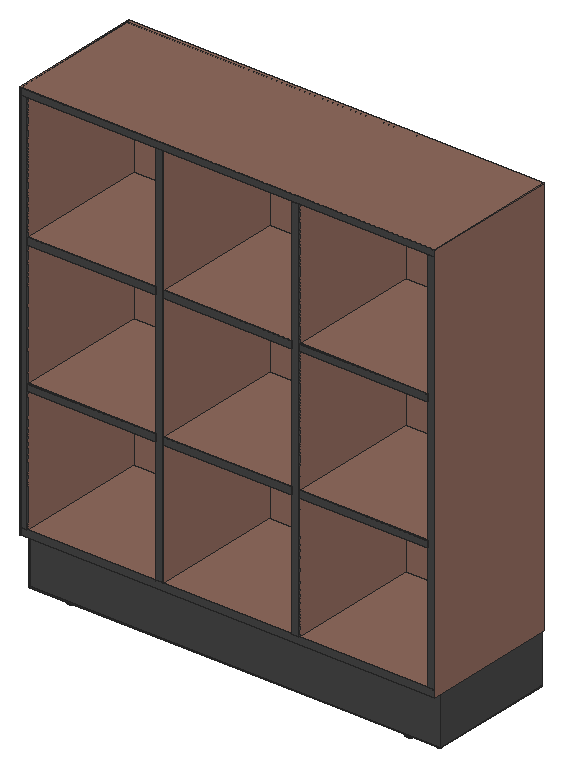
Revit family "Plymold-Cabinets-Lunchbox_Cubbie+", category Furniture, Revit 2022
Family settings
  OmniClass Number = 23.40.20.00
  OmniClass Title = General Furniture and Specialties
  Work Plane-Based = No
  Always vertical = Yes
  Cut with Voids When Loaded = No
  Render Appearance Source = Family Geometry
  Shared = No
  Room Calculation Point = No
Parameters (values of type "82008")
  Width = 45"
  URL = "https://plymold.com/"
  Type Comments = "Cabinets"  # constant formula
  TOP MATERIAL = PLY - Wood Mahogany - Horizontal
  Sustainability = "https://plymold.com/plymolds-sustainability-efforts/"
  SIDE MATERIAL = PLY - Wood Mahogany - Vertical
  SHELF MATERIAL = PLY - Wood Mahogany - Horizontal
  Revit File Built By = "https://servex-us.com/servex-revit/"
  Product Documentation Link = "https://plymold.com/product/lunchbox-cubbie/"
  Model = "82008"
  Manufacturer = "Plymold Inc."  # constant formula
  Keynote = "12500"  # constant formula
  Height = 49 1/2"
  GLIDES MATERIAL = PLY - Plastic Black
  EDGE MATERIAL = PLY - Plastic Black
  Description = "Lunchbox cubbie - 45\"W x 14 3/4\"D x 49 1/2\"H"
  Depth = 14 3/4"
  Default Elevation = 0"
  DIVIDER MATERIAL = PLY - Wood Mahogany - Vertical
  BASE MATERIAL = PLY - Onyx Black Powdercoat
  BACK MATERIAL = PLY - Wood Mahogany - Vertical
  Assembly Code = "E2020200"
Reference planes (in)
  plane 1 "Center Front/Back": y = 0
  plane 2: z = 0
  plane 3 "Center Left/Right": x = 0
  plane 4: x = -22.5
  plane 5: x = 22.5
  plane 6: y = 7.375
  plane 7: y = -7.375
  plane 8: z = 49.5
  plane 9: y = -7.3356299
Forms (in)
  Extrusion 1, solid, material "PLY - Wood Mahogany - Horizontal" <- "TOP MATERIAL"
    sketch origin (0, 0, 0) x (1, 0, 0) y (0, 0, 1)
      loop
        line (-22.5, 49.458) -> (22.5, 49.458) -> (22.5, 49.5) -> (-22.5, 49.5) -> (-22.5, 49.458)
    from -7.375 to 7.375
  Extrusion 2, solid, material "PLY - Wood Mahogany - Horizontal" <- "TOP MATERIAL"
    sketch origin (0, 0, 0) x (1, 0, 0) y (0, 0, 1)
      loop
        line (22.458, 48.728) -> (22.458, 49.458) -> (-22.458, 49.458) -> (-22.458, 48.728) -> (22.458, 48.728)
    from -7.0625 to 7.3356299
  Extrusion 3, solid, material "PLY - Wood Mahogany - Vertical" <- "BACK MATERIAL"
    sketch origin (0, 0, 0) x (0, 1, 0) y (0, 0, 1)
      loop
        line (7.0625, 5.938) -> (7.375, 5.938) -> (7.375, 49.458) -> (7.0625, 49.458) -> (7.0625, 5.938)
    from -22.458 to 22.458
  Extrusion 4, solid, material "PLY - Wood Mahogany - Vertical" <- "BACK MATERIAL"
    sketch origin (0, 0, 0) x (0, 1, 0) y (0, 0, 1)
      loop
        line (6.2925, 48.728) -> (6.2925, 45.0173701) -> (7.0625, 45.0173701) -> (7.0625, 48.728) -> (6.2925, 48.728)
    from -21.728 to 21.728
  Sweep 5, solid, material "PLY - Onyx Black Powdercoat" <- "BASE MATERIAL"
    path origin (0, 0, 0) x (1, 0, 0) y (0, 1, 0)
      loop
        line (-19.833, 7.375) -> (-19.833, -3.8875) -> (19.833, -3.8875) -> (19.833, 7.375)
    profile origin (0, -3.8875, 0) x (0, 1, 0) y (0, 0, 1)
      loop
        line (0, 5.938) -> (-2.3479053, 5.938)
        arc (-2.3479053, 5.938) -> (-2.4554525, 5.8934525) -> (-2.5, 5.7859053) r 0.1520947
        line (-2.5, 5.7859053) -> (-2.5, 0.5905784)
        arc (-2.5, 0.5905784) -> (-2.4553104, 0.4826881) -> (-2.34742, 0.4379984) r 0.15258
        line (-2.34742, 0.4379984) -> (-0.7221612, 0.4379984) -> (-0.7221612, 0.4977984) -> (-2.3464343, 0.4977984)
        arc (-2.3464343, 0.4977984) -> (-2.4127367, 0.5252618) -> (-2.4402, 0.5915641) r 0.0937657
        line (-2.4402, 0.5915641) -> (-2.4402, 5.7857395)
        arc (-2.4402, 5.7857395) -> (-2.4131189, 5.8511189) -> (-2.3477395, 5.8782) r 0.0924605
        line (-2.3477395, 5.8782) -> (0, 5.8782) -> (0, 5.938)
  Extrusion 6, solid, material "PLY - Wood Mahogany - Horizontal" <- "SHELF MATERIAL"
    sketch origin (0, 0, 0) x (1, 0, 0) y (0, 0, 1)
      loop
        line (-7.7415, 35.208) -> (-21.728, 35.208) -> (-21.728, 34.438) -> (-7.7415, 34.438) -> (-7.7415, 35.208)
      loop
        line (-7.7415, 20.958) -> (-21.728, 20.958) -> (-21.728, 20.188) -> (-7.7415, 20.188) -> (-7.7415, 20.958)
      loop
        line (7.01525, 35.208) -> (-6.97125, 35.208) -> (-6.97125, 34.438) -> (7.01525, 34.438) -> (7.01525, 35.208)
      loop
        line (7.01525, 20.956507) -> (-6.97125, 20.956507) -> (-6.97125, 20.188) -> (7.01525, 20.188) -> (7.01525, 20.956507)
      loop
        line (21.728, 35.208) -> (7.78525, 35.208) -> (7.78525, 34.438) -> (21.728, 34.438) -> (21.728, 35.208)
      loop
        line (21.728, 20.956507) -> (7.78525, 20.956507) -> (7.78525, 20.188) -> (21.728, 20.188) -> (21.728, 20.956507)
    from -7.0625 to 7.3356299
  Extrusion 7, solid, material "PLY - Plastic Black" <- "EDGE MATERIAL"
    sketch origin (0, 0, 0) x (1, 0, 0) y (0, 1, 0)
      loop
        line (-7.7415, -7.3356299) -> (-7.7415, -7.375) -> (-6.9715, -7.375) -> (-6.9715, -7.3356299) -> (-7.7415, -7.3356299)
      loop
        line (7.015, -7.3356299) -> (7.015, -7.375) -> (7.785, -7.375) -> (7.785, -7.3356299) -> (7.015, -7.3356299)
    from 6.708 to 48.728
  Extrusion 8, solid, material "PLY - Plastic Black" <- "EDGE MATERIAL"
    sketch origin (0, 0, 0) x (0, 1, 0) y (0, 0, 1)
      loop
        line (-7.375, 6.708) -> (-7.375, 5.938) -> (-7.3356299, 5.938) -> (-7.3356299, 6.708) -> (-7.375, 6.708)
    from -22.458 to 22.458
  Extrusion 9, solid, material "PLY - Plastic Black" <- "EDGE MATERIAL"
    sketch origin (0, 0, 0) x (0, 1, 0) y (0, 0, 1)
      loop
        line (7.0625, 44.978) -> (7.0625, 45.0173701) -> (6.2925, 45.0173701) -> (6.2925, 44.978) -> (7.0625, 44.978)
    from -21.728 to 21.728
  Revolve 10, solid, material "PLY - Plastic Black" <- "GLIDES MATERIAL"
    sketch origin (0, 6.3625, 0) x (1, 0, 0) y (0, 0, 1)
      loop
        line (-21.333, 0) -> (-20.8286246, 0)
        arc (-20.8286246, 0) -> (-20.814044, 0.0060395) -> (-20.8080046, 0.02062) r 0.02062
        line (-20.8080046, 0.02062) -> (-20.8080046, 0.2100311)
        arc (-20.8080046, 0.2100311) -> (-20.8138533, 0.2241513) -> (-20.8279734, 0.23) r 0.0199689
        line (-20.8279734, 0.23) -> (-20.9380014, 0.23) -> (-20.9380014, 0.3802257)
        arc (-20.9380014, 0.3802257) -> (-20.9437932, 0.3942083) -> (-20.9577757, 0.4) r 0.0197743
        line (-20.9577757, 0.4) -> (-21.2468281, 0.4) -> (-21.2468281, 0.4379984) -> (-21.333, 0.4379984) -> (-21.333, 0)
      axis (-21.333, 0.4379984) -> (-21.333, 0)
    angle from 0 to 360
  Revolve 11, solid, material "PLY - Plastic Black" <- "GLIDES MATERIAL"
    sketch origin (0, 6.3625, 0) x (-1, 0, 0) y (0, 0, -1)
      loop
        line (-21.333, 0) -> (-21.333, -0.4379984) -> (-21.2468281, -0.4379984) -> (-21.2468281, -0.4) -> (-20.9577757, -0.4)
        arc (-20.9577757, -0.4) -> (-20.9437932, -0.3942083) -> (-20.9380014, -0.3802257) r 0.0197743
        line (-20.9380014, -0.3802257) -> (-20.9380014, -0.23) -> (-20.8279734, -0.23)
        arc (-20.8279734, -0.23) -> (-20.8138533, -0.2241513) -> (-20.8080046, -0.2100311) r 0.0199689
        line (-20.8080046, -0.2100311) -> (-20.8080046, -0.02062)
        arc (-20.8080046, -0.02062) -> (-20.814044, -0.0060395) -> (-20.8286246, 0) r 0.02062
        line (-20.8286246, 0) -> (-21.333, 0)
      axis (-21.333, -0.4379984) -> (-21.333, 0)
    angle from 0 to 360
  Revolve 12, solid, material "PLY - Plastic Black" <- "GLIDES MATERIAL"
    sketch origin (0, -5.3875, 0) x (1, 0, 0) y (0, 0, 1)
      loop
        line (-18.2468281, 0.4) -> (-18.2468281, 0.4379984) -> (-18.333, 0.4379984) -> (-18.333, 0) -> (-17.8392348, 0)
        arc (-17.8392348, 0) -> (-17.8171377, 0.0091529) -> (-17.8079848, 0.03125) r 0.03125
        line (-17.8079848, 0.03125) -> (-17.8079848, 0.1995742)
        arc (-17.8079848, 0.1995742) -> (-17.8168963, 0.2210885) -> (-17.8384106, 0.23) r 0.0304258
        line (-17.8384106, 0.23) -> (-17.9379989, 0.23) -> (-17.9379989, 0.3797594)
        arc (-17.9379989, 0.3797594) -> (-17.9439272, 0.3940717) -> (-17.9582395, 0.4) r 0.0202406
        line (-17.9582395, 0.4) -> (-18.2468281, 0.4)
      axis (-18.333, 0) -> (-18.333, 0.4379984)
    angle from 0 to 360
  Revolve 13, solid, material "PLY - Plastic Black" <- "GLIDES MATERIAL"
    sketch origin (0, -5.3875, 0) x (-1, 0, 0) y (0, 0, -1)
      loop
        line (-18.2468281, -0.4) -> (-17.9582395, -0.4)
        arc (-17.9582395, -0.4) -> (-17.9439272, -0.3940717) -> (-17.9379989, -0.3797594) r 0.0202406
        line (-17.9379989, -0.3797594) -> (-17.9379989, -0.23) -> (-17.8384106, -0.23)
        arc (-17.8384106, -0.23) -> (-17.8168963, -0.2210885) -> (-17.8079848, -0.1995742) r 0.0304258
        line (-17.8079848, -0.1995742) -> (-17.8079848, -0.03125)
        arc (-17.8079848, -0.03125) -> (-17.8171377, -0.0091529) -> (-17.8392348, 0) r 0.03125
        line (-17.8392348, 0) -> (-18.333, 0) -> (-18.333, -0.4379984) -> (-18.2468281, -0.4379984) -> (-18.2468281, -0.4)
      axis (-18.333, 0) -> (-18.333, -0.4379984)
    angle from 0 to 360
  Extrusion 14, solid, material "PLY - Wood Mahogany - Horizontal" <- "SHELF MATERIAL"
    sketch origin (0, 0, 0) x (1, 0, 0) y (0, 0, 1)
      loop
        line (-22.458, 6.708) -> (-22.458, 5.938) -> (22.458, 5.938) -> (22.458, 6.708) -> (-22.458, 6.708)
    from -7.0625 to 7.3356299
  Extrusion 15, solid, material "PLY - Wood Mahogany - Vertical" <- "SIDE MATERIAL"
    sketch origin (0, 0, 0) x (1, 0, 0) y (0, 0, 1)
      loop
        line (22.5, 49.458) -> (22.458, 49.458) -> (22.458, 5.938) -> (22.5, 5.938) -> (22.5, 49.458)
      loop
        line (-22.5, 49.458) -> (-22.5, 5.938) -> (-22.458, 5.938) -> (-22.458, 49.458) -> (-22.5, 49.458)
    from -7.375 to 7.375
  Extrusion 16, solid, material "PLY - Plastic Black" <- "EDGE MATERIAL"
    sketch origin (0, -7.3356299, 0) x (1, 0, 0) y (0, 0, 1)
      loop
        line (22.458, 48.728) -> (22.458, 49.458) -> (-22.458, 49.458) -> (-22.458, 48.728) -> (22.458, 48.728)
    from 0 to 0.0393701
  Extrusion 17, solid, material "PLY - Plastic Black" <- "EDGE MATERIAL"
    sketch origin (0, -7.3356299, 0) x (1, 0, 0) y (0, 0, 1)
      loop
        line (-21.728, 34.438) -> (-7.7415, 34.438) -> (-7.7415, 35.208) -> (-21.728, 35.208) -> (-21.728, 34.438)
      loop
        line (-6.9715, 34.438) -> (7.015, 34.438) -> (7.015, 35.208) -> (-6.9715, 35.208) -> (-6.9715, 34.438)
      loop
        line (7.785, 34.438) -> (21.728, 34.438) -> (21.728, 35.208) -> (7.785, 35.208) -> (7.785, 34.438)
      loop
        line (-21.728, 20.188) -> (-7.7415, 20.188) -> (-7.7415, 20.958) -> (-21.728, 20.958) -> (-21.728, 20.188)
      loop
        line (-6.9715, 20.188) -> (7.015, 20.188) -> (7.015, 20.956507) -> (-6.9715, 20.956507) -> (-6.9715, 20.188)
      loop
        line (7.785, 20.188) -> (21.728, 20.188) -> (21.728, 20.956507) -> (7.785, 20.956507) -> (7.785, 20.188)
    from 0 to 0.0393701
  Extrusion 18, solid, material "PLY - Wood Mahogany - Vertical" <- "SIDE MATERIAL"
    sketch origin (0, 0, 0) x (1, 0, 0) y (0, 1, 0)
      loop
        line (-21.728, 7.0625) -> (-22.458, 7.0625) -> (-22.458, -7.3356299) -> (-21.728, -7.3356299) -> (-21.728, 7.0625)
      loop
        line (21.728, 7.0625) -> (21.728, -7.3356299) -> (22.458, -7.3356299) -> (22.458, 7.0625) -> (21.728, 7.0625)
    from 6.708 to 48.728
  Extrusion 19, solid, material "PLY - Plastic Black" <- "EDGE MATERIAL"
    sketch origin (-22.3721202, -7.3356299, 0) x (1, 0, 0) y (0, 0, 1)
      loop
        line (0.6441202, 48.728) -> (-0.0858798, 48.728) -> (-0.0858798, 6.708) -> (0.6441202, 6.708) -> (0.6441202, 48.728)
      loop
        line (44.8301202, 6.708) -> (44.8301202, 48.728) -> (44.1001202, 48.728) -> (44.1001202, 6.708) -> (44.8301202, 6.708)
    from 0 to 0.0393701
  Extrusion 20, solid, material "PLY - Wood Mahogany - Vertical" <- "DIVIDER MATERIAL"
    sketch origin (0, 0, 0) x (1, 0, 0) y (0, 1, 0)
      loop
        line (-7.7415, 7.0625) -> (-7.7415, -7.3356299) -> (-6.97125, -7.3356299) -> (-6.97125, 7.0625) -> (-7.7415, 7.0625)
      loop
        line (7.01525, 7.0625) -> (7.01525, -7.3356299) -> (7.785, -7.3356299) -> (7.785, 7.0625) -> (7.01525, 7.0625)
    from 6.708 to 48.728
Lines and regions (in)
  symbolic lines
    curve 1: line (-22.5, -7.375, 0) -> (22.5, -7.375, 0)
    curve 2: line (-22.5, 7.375, 0) -> (-22.5, -7.375, 0)
    curve 3: line (22.5, 7.375, 0) -> (-22.5, 7.375, 0)
    curve 4: line (22.5, -7.375, 0) -> (22.5, 7.375, 0)
  symbolic lines, style "FurnitureHiddenLines", detail levels fine
    curve 5: circle (-21.333, 6.3625, 0) r 0.5271185 normal (0, 0, 1)
    curve 6: circle (21.333, 6.3625, 0) r 0.5271185 normal (0, 0, 1)
    curve 7: circle (18.333, -5.3875, 0) r 0.5271185 normal (0, 0, 1)
    curve 8: circle (-18.3319009, -5.3875, 0) r 0.5271185 normal (0, 0, 1)
    curve 9: line (-7.3565, 7.375, 0) -> (-7.3565, -7.375, 0)
    curve 10: line (7.40025, 7.375, 0) -> (7.40025, -7.3356299, 0)
Dimensions and locks (in)
  equal spacing: plane 4, plane 3 "Center Left/Right", plane 5
  "Width": plane 4 to plane 5
  equal spacing: plane 6, plane 1 "Center Front/Back", plane 7
  "Depth": plane 7 to plane 6
  "Height": plane 8 to plane 2
  locked: plane 8 to Extrusion 1 sketch curve at 0.042
  equal spacing: Extrusion 6 sketch curve, Extrusion 6 sketch curve, Extrusion 6 sketch curve, plane 2
  locked: plane 9 to plane 7 at 0.0393701
  plane 8 to Extrusion 2 sketch curve = 0.772"
  locked: Extrusion 2 sketch curve to plane 5 at 0.042
  locked: Extrusion 2 sketch curve to plane 4 at 0.042
  plane 6 to Extrusion 4 sketch curve = 1.0825"  (x2)
  Extrusion 4 sketch curve to Extrusion 4 sketch curve to plane 8 = 3.71063" locked, 0.772" locked
  locked: plane 6 to Extrusion 4 sketch curve at 0.3125
  Extrusion 7 sketch curve to Extrusion 7 sketch curve to plane 3 "Center Left/Right" to Extrusion 7 sketch curve to Extrusion 7 sketch curve = 0.77" locked, 6.9715" locked, 7.015" locked, 0.77" locked
  plane 6 to Extrusion 9 sketch curve to Extrusion 9 sketch curve = 5/16" locked, 0.77" locked
  Extrusion 9 sketch curve to Extrusion 9 sketch curve to plane 8 = 0.03937" locked, 4.48263" locked
  Sweep 5 sketch curve to Sweep 5 sketch curve to Sweep 5 sketch curve to Sweep 5 sketch curve to plane 2 = 0.00017" locked, 5.19418" locked, 0.00099" locked, 0.59058" locked
  Sweep 5 sketch curve to Sweep 5 sketch curve to Sweep 5 sketch curve to Sweep 5 sketch curve to Sweep 5 sketch curve to Sweep 5 sketch curve to plane 7 = 0.72216" locked, 1.62427" locked, 0.00099" locked, 0.00032" locked, 0.00017" locked, 1.13959" locked
  locked: Sweep 5 sketch curve to plane 1 "Center Front/Back" at 3.8875
  equal spacing: Sweep 5 sketch curve, plane 3 "Center Left/Right", Sweep 5 sketch curve, locked at 19.833 each
  plane 3 "Center Left/Right" to Revolve 12 sketch curve to Revolve 12 sketch curve to Revolve 12 sketch curve to Revolve 12 sketch curve to Revolve 12 sketch curve = 17.83841" locked, 0.00082" locked, 0.119" locked, 0.28859" locked, 0.08617" locked
  plane 2 to Revolve 12 sketch curve to Revolve 12 sketch curve to Revolve 12 sketch curve to Revolve 12 sketch curve to Revolve 12 sketch curve = 1/32" locked, 0.16832" locked, 0.18019" locked, 0.02024" locked, 0.038" locked
  Revolve 10 sketch curve to Revolve 10 sketch curve to Revolve 10 sketch curve to Revolve 10 sketch curve to Revolve 10 sketch curve to plane 3 "Center Left/Right" = 0.08617" locked, 37/128" locked, 0.12915" locked, 0.00065" locked, 20.82797" locked
  Revolve 10 sketch curve to Revolve 10 sketch curve to Revolve 10 sketch curve to Revolve 10 sketch curve to plane 2 = 0.05777" locked, 0.17019" locked, 0.18941" locked, 0.02062" locked
  Revolve 13 sketch curve to Revolve 13 sketch curve to Revolve 13 sketch curve to Revolve 13 sketch curve to plane 2 = 0.05824" locked, 0.18019" locked, 0.16832" locked, 1/32" locked
  Revolve 13 sketch curve to Revolve 13 sketch curve to Revolve 13 sketch curve to Revolve 13 sketch curve to Revolve 13 sketch curve to plane 3 "Center Left/Right" = 0.08617" locked, 0.28859" locked, 0.119" locked, 0.00082" locked, 17.83841" locked
  plane 2 to Revolve 11 sketch curve to Revolve 11 sketch curve to Revolve 11 sketch curve to Revolve 11 sketch curve = 0.02062" locked, 0.18941" locked, 0.17019" locked, 0.05777" locked
  plane 3 "Center Left/Right" to Revolve 11 sketch curve to Revolve 11 sketch curve to Revolve 11 sketch curve to Revolve 11 sketch curve to Revolve 11 sketch curve = 20.82797" locked, 0.00065" locked, 0.12915" locked, 37/128" locked, 0.08617" locked
  locked: plane 6 to Extrusion 3 sketch curve at 0.3125
  locked: Extrusion 3 sketch curve to plane 8 at 0.042
  locked: Extrusion 3 sketch curve to plane 2 at 5.938
  locked: plane 4 to Extrusion 6 at 0.772
  Extrusion 6 to plane 5 = 0.772"
  aligned and locked: level to plane 2
  aligned and locked: plane 6 to Extrusion 1
  aligned and locked: plane 8 to Extrusion 1 sketch curve
  aligned and locked: Extrusion 2 to plane 9
  aligned and locked: plane 9 to Extrusion 7 sketch curve  (x2)
  aligned and locked: plane 7 to Extrusion 7 sketch curve  (x2)
  aligned and locked: plane 6 to Sweep 5 sketch curve  (x2)
  aligned and locked: Revolve 12 sketch curve to Revolve 12 sketch curve
  aligned and locked: Revolve 12 sketch curve to plane 2
  aligned and locked: Revolve 10 sketch curve to Revolve 10 sketch curve
  aligned and locked: Revolve 10 sketch curve to plane 2
  aligned and locked: Revolve 13 sketch curve to Revolve 13 sketch curve
  aligned and locked: plane 2 to Revolve 13 sketch curve
  aligned and locked: Revolve 11 sketch curve to Revolve 11 sketch curve
  aligned and locked: Extrusion 3 sketch curve to plane 6
  aligned and locked: Extrusion 14 to Extrusion 3
  aligned and locked: Extrusion 6 to Extrusion 3
  aligned and locked: Extrusion 1 sketch curve to plane 4
  aligned and locked: plane 5 to Extrusion 1 sketch curve
  aligned and locked: Extrusion 15 sketch curve to Extrusion 1  (x3)
  aligned and locked: Extrusion 3 to Extrusion 15 sketch curve
  aligned and locked: Extrusion 15 sketch curve to Extrusion 3
  aligned and locked: Extrusion 15 to Extrusion 1  (x2)
  aligned and locked: Extrusion 16 to Extrusion 2
  aligned and locked: Extrusion 15 to Extrusion 16
  aligned and locked: Extrusion 17 sketch curve to Extrusion 6  (x10)
  aligned and locked: Extrusion 6 to Extrusion 17 sketch curve  (x2)
  aligned and locked: Extrusion 17 sketch curve to Extrusion 7  (x8)
  aligned and locked: Extrusion 17 to Extrusion 6
  aligned and locked: Extrusion 8 to Extrusion 14
  aligned and locked: Extrusion 14 to Extrusion 8
  aligned and locked: Extrusion 18 sketch curve to plane 9
  aligned and locked: Extrusion 18 sketch curve to Extrusion 3
  aligned and locked: Extrusion 18 sketch curve to Extrusion 15
  aligned and locked: Extrusion 3 to Extrusion 18 sketch curve
  aligned and locked: Extrusion 15 to Extrusion 18 sketch curve
  aligned and locked: plane 9 to Extrusion 18 sketch curve
  aligned and locked: Extrusion 18 to Extrusion 2
  aligned and locked: Extrusion 18 to Extrusion 7
  aligned and locked: Extrusion 19 sketch curve to Extrusion 8  (x2)
  aligned and locked: Extrusion 19 sketch curve to Extrusion 18  (x4)
  aligned and locked: Extrusion 19 sketch curve to Extrusion 15
  aligned and locked: Extrusion 19 sketch curve to Extrusion 16
  aligned and locked: Extrusion 19 to Extrusion 6
  aligned and locked: Extrusion 19 to Extrusion 8
  aligned and locked: Extrusion 20 sketch curve to Extrusion 6  (x5)
  aligned and locked: Extrusion 17 to Extrusion 20 sketch curve
  aligned and locked: Extrusion 20 sketch curve to Extrusion 7
  aligned and locked: Extrusion 20 to Extrusion 2
  aligned and locked: Extrusion 7 to Extrusion 20
Automatic sketch dimensions
  Revolve 12 sketch curve to level = 0.34296"
  Revolve 12 sketch curve to Revolve 12 sketch curve = 0.35599"
  Revolve 10 sketch curve to Revolve 10 sketch curve = 0.11003"
  Revolve 10 sketch curve to level = 0.20969"
  Revolve 10 sketch curve to Revolve 10 sketch curve = 0.27664"
  Revolve 11 sketch curve to level = 0"
  Revolve 11 sketch curve to Revolve 11 sketch curve = 0.11003"
  Revolve 11 sketch curve to Revolve 11 sketch curve = 0.27664"
  Revolve 11 sketch curve to Revolve 11 sketch curve = 0.20969"
  Revolve 13 sketch curve to Revolve 13 sketch curve = 0.09959"
  Revolve 13 sketch curve to Revolve 13 sketch curve = 0.35599"
  Revolve 13 sketch curve to Revolve 13 sketch curve = 0.34296"
  Extrusion 2 sketch curve to plane 8 = 0.042"
  plane 4 to Sweep 5 sketch curve = 2.667"
  Sweep 5 sketch curve to Sweep 5 sketch curve = 0.09229"
  Sweep 5 sketch curve to Sweep 5 sketch curve = 0.0598"
  plane 4 to Extrusion 6 sketch curve = 0.772"  (x2)
  Extrusion 6 sketch curve to plane 3 "Center Left/Right" = 7.7415"  (x2)
  Extrusion 6 sketch curve to Extrusion 6 sketch curve = 0.77025"  (x2)
  plane 3 "Center Left/Right" to Extrusion 6 sketch curve = 7.01525"  (x2)
  Extrusion 6 sketch curve to Extrusion 6 sketch curve = 0.77"  (x5)
  plane 5 to Extrusion 6 sketch curve = 0.772"  (x2)
  level to Extrusion 6 sketch curve = 20.188"  (x2)
  Extrusion 6 sketch curve to Extrusion 6 sketch curve = 0"  (x4)
  Extrusion 6 sketch curve to Extrusion 6 sketch curve = 0.76851"  (x2)
  Extrusion 6 sketch curve to Extrusion 6 sketch curve = 13.48149"
  Extrusion 8 sketch curve to plane 7 = 0"
  Extrusion 8 sketch curve to plane 9 = 0"
  level to Extrusion 8 sketch curve = 5.938"
  Extrusion 8 sketch curve to Extrusion 8 sketch curve = 0.77"
  plane 4 to Extrusion 14 sketch curve = 0.042"
  plane 5 to Extrusion 14 sketch curve = 0.042"
  level to Extrusion 14 sketch curve = 5.938"
  Extrusion 14 sketch curve to Extrusion 14 sketch curve = 0.77"
  curve 3 to plane 4 = 0"
  plane 7 to curve 9 = 0"
  curve 10 to plane 6 = 0"
  curve 10 to plane 9 = 0"
  curve 4 to plane 5 = 0"
  plane 4 to curve 5 = 1.167"
  plane 9 to curve 8 = 1.94813"
  plane 4 to curve 8 = 4.1681"
  plane 9 to curve 7 = 1.94813"
  plane 5 to curve 7 = 4.167"
  plane 5 to curve 6 = 1.167"
  curve 5 to plane 6 = 1.0125"
  curve 6 to plane 6 = 1.0125"
  curve 9 to plane 3 "Center Left/Right" = 7.3565"
  plane 3 "Center Left/Right" to curve 10 = 7.40025"
  plane 4 to Extrusion 15 sketch curve = 0.042"
  plane 5 to Extrusion 15 sketch curve = 0.042"
  Extrusion 15 sketch curve to plane 8 = 0.042"
  Extrusion 16 sketch curve to Extrusion 2 = 0"  (x3)
  Extrusion 2 to Extrusion 16 sketch curve = 0"
  Extrusion 6 to Extrusion 17 sketch curve = 0"  (x3)
  Extrusion 17 sketch curve to Extrusion 6 = 0"
  Extrusion 18 sketch curve to Extrusion 18 sketch curve = 0.73"
  plane 5 to Extrusion 18 sketch curve = 0.772"
  Extrusion 20 sketch curve to plane 6 = 5/16"
  radius of curve 5 = 0.52712"
  radius of curve 6 = 0.52712"
  radius of curve 7 = 0.52712"
  radius of curve 8 = 0.52712"
